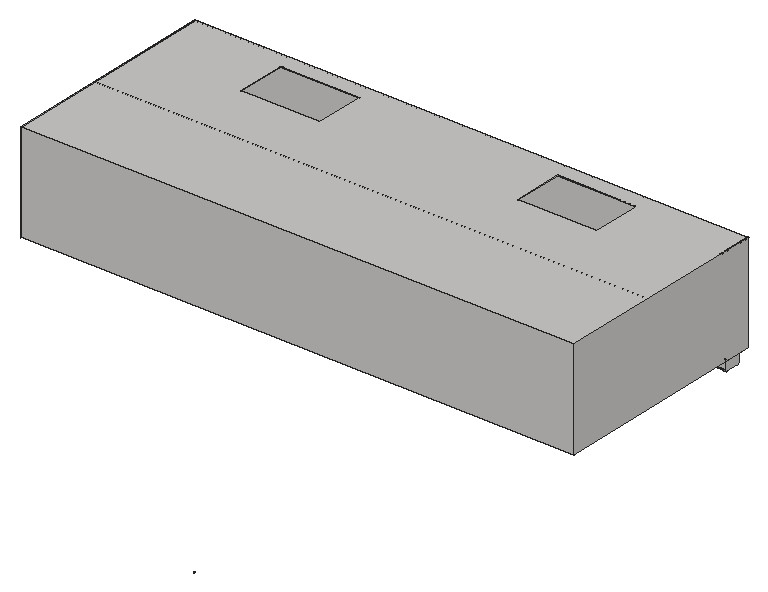
Revit family "QF_ELECTROLUXPROFESSIONAL_642019_EP1128T", category Specialty Equipment, Revit 2014
Reference planes
  plane 1 "Center (Front/Back)": y = 0
  plane 2: z = 0
  plane 3 "Center (Left/Right)": x = 150
  plane 4 "LEFT": x = -1250
  plane 5 "RIGHT": x = 1550
  plane 6 "BACK": y = 550
  plane 7 "FRONT": y = -550
  plane 8 "TOP": z = 2500
  plane 9 "Base": z = 2000
  plane 10: z = 1926
  plane 11 "DrainY": y = 485
  plane 12: x = -1247
  plane 13: through (0, 414.509, 2000.8) normal (0, 0.7314, 0.682)
  plane 14: y = 470
  plane 15: y = 220
  plane 16 "DrainX": x = 1430
  plane 17: x = -350
  plane 18: x = 650
  plane 19: x = -750
  plane 20: x = 1050
  plane 21: x = 1547
  plane 22: x = 1340
  plane 23: x = 1520
  plane 24: x = -1210
  plane 25: x = -845
  plane 26: x = -450
  plane 27: x = 1510
  plane 28: x = 1145
  plane 29: x = 750
Forms (mm)
  Extrusion 1, solid, material "QF_Finishes_Stainless Steel"
    sketch origin (-1250, 0, 360) x (0, 1, 0) y (0, 0, 1)
      loop
        line (550, 1640) -> (550, 2140) -> (-550, 2140) -> (-550, 1640) -> (550, 1640)
    from 0 to 3
  Extrusion 2, solid, material "QF_Finishes_Stainless Steel"
    sketch origin (150, 0, 360) x (0, 1, 0) y (0, 0, 1)
      loop
        line (415.255, 1640) -> (550, 1640) -> (550, 2139.19) -> (549.2, 2139.19) -> (549.2, 1640.8) -> (415.876, 1640.8) -> (339.347, 1722.867) -> (349.609, 1732.436) -> (348.927, 1733.167) -> (337.934, 1722.917) -> (415.255, 1640)
      loop
        line (-82.203, 2139.19) -> (-82.203, 2118.6) -> (-31.047, 2118.6) -> (34.354, 2048.466) -> (46.028, 2059.352) -> (45.346, 2060.083) -> (34.403, 2049.879) -> (-30.612, 2119.6) -> (-81.203, 2119.6) -> (-81.203, 2139.19) -> (-82.203, 2139.19)
    from -1397 to 1397
  Extrusion 3, solid, material "QF_Finishes_Stainless Steel"
    sketch origin (1550, 0, 360) x (0, 1, 0) y (0, 0, 1)
      loop
        line (550, 1640) -> (550, 2140) -> (-550, 2140) -> (-550, 1640) -> (550, 1640)
    from 0 to -3
  Extrusion 4, solid, material "QF_Finishes_Stainless Steel"
    sketch origin (150, 0, 360) x (0, 1, 0) y (0, 0, 1)
      loop
        line (-550, 2140) -> (-550, 1640) -> (-549.2, 1640) -> (-549.2, 2139.19) -> (550, 2139.19) -> (550, 2140) -> (-550, 2140)
    from -1400 to 1400
  Extrusion 5, solid, material "QF_Finishes_Stainless Steel"
    sketch origin (150, 0, 360) x (0, 1, 0) y (0, 0, 1)
      loop
        line (534, 1640) -> (436, 1640) -> (436, 1627) -> (443.5, 1627) -> (443.5, 1576)
        arc (443.5, 1576) -> (446.429, 1568.929) -> (453.5, 1566) r 10
        line (453.5, 1566) -> (516.5, 1566)
        arc (516.5, 1566) -> (523.571, 1568.929) -> (526.5, 1576) r 10
        line (526.5, 1576) -> (526.5, 1627) -> (534, 1627) -> (534, 1640)
    from 1190 to 1370
  Extrusion 6, solid, material "QF_Finishes_Stainless Steel"
    sketch origin (0, 0, 2000) x (0, 1, 0) y (-1, 0, 0)
      loop
        circle (485, -1430) r 20
    from -76 to -74
  Extrusion 7, solid, material "QF_Finished_Chrome"
    sketch origin (150, 0, 360) x (0, 1, 0) y (0, 0, 1)
      loop
        line (337.934, 1722.917) -> (341.591, 1726.327) -> (38.011, 2051.876) -> (34.354, 2048.466) -> (337.934, 1722.917)
    from -995 to -1360
  Extrusion 8, solid, material "QF_Finished_Chrome"
    sketch origin (150, 0, 360) x (0, 1, 0) y (0, 0, 1)
      loop
        line (337.934, 1722.917) -> (341.591, 1726.327) -> (38.011, 2051.876) -> (34.354, 2048.466) -> (337.934, 1722.917)
    from 600 to -600
  Extrusion 9, solid, material "QF_Finishes_Stainless Steel"
    sketch origin (150, 0, 360) x (0, 1, 0) y (0, 0, 1)
      loop
        line (337.934, 1722.917) -> (341.591, 1726.327) -> (38.011, 2051.876) -> (34.354, 2048.466) -> (337.934, 1722.917)
    from 1397 to 1360
  Extrusion 10, solid, material "QF_Finishes_Stainless Steel"
    sketch origin (150, 0, 360) x (0, 1, 0) y (0, 0, 1)
      loop
        line (341.588, 1726.324) -> (38.009, 2051.874) -> (34.354, 2048.466) -> (337.934, 1722.917) -> (341.588, 1726.324)
    from -995 to -600
  Extrusion 11, solid, material "QF_Finished_Chrome"
    sketch origin (150, 0, 360) x (0, 1, 0) y (0, 0, 1)
      loop
        line (341.588, 1726.324) -> (38.009, 2051.874) -> (34.354, 2048.466) -> (337.934, 1722.917) -> (341.588, 1726.324)
    from 995 to 1360
  Extrusion 12, void
    sketch origin (0, 0, 2500) x (0, 1, 0) y (-1, 0, 0)
      loop
        line (470, 750) -> (220, 750) -> (220, 350) -> (470, 350) -> (470, 750)
    from 0 to -10
  Extrusion 13, void
    sketch origin (940, 0, 2500) x (0, 1, 0) y (-1, 0, 0)
      loop
        line (470, 290) -> (220, 290) -> (220, -110) -> (470, -110) -> (470, 290)
    from 0 to -10
  Extrusion 14, solid, material "QF_Finishes_Stainless Steel"
    sketch origin (0, 0, 0) x (1, 0, 0) y (0, 1, 0)
      loop
        line (-1250, 550) -> (-1250, 549) -> (-1249, 549) -> (-1249, 550) -> (-1250, 550)
    from 0 to 1
  Extrusion 15, solid, material "QF_Finishes_Stainless Steel"
    sketch origin (150, 0, 360) x (0, 1, 0) y (0, 0, 1)
      loop
        line (337.934, 1722.917) -> (341.591, 1726.327) -> (38.011, 2051.876) -> (34.354, 2048.466) -> (337.934, 1722.917)
    from -1360 to -1397
  Extrusion 16, solid, material "QF_Finishes_Stainless Steel"
    sketch origin (150, 0, 360) x (0, 1, 0) y (0, 0, -1)
      loop
        line (341.588, -1726.324) -> (337.934, -1722.917) -> (34.354, -2048.466) -> (38.009, -2051.874) -> (341.588, -1726.324)
    from -995 to -600
Cuts and joins
  Extrusion 12, Extrusion 13 cuts Extrusion 4
  joined: Extrusion 2, Extrusion 4
Lines and regions (mm)
  reference lines
    curve 1: line (150, 34.354, 2408.466) -> (150, 34.354, 2248.466)
  symbolic lines, style "SpecialityEquipment", detail levels coarse
    curve 2: line (1550, 550, 2500) -> (-1250, 550, 2500)
    curve 3: line (-1250, 550, 2500) -> (-1250, -550, 2500)
    curve 4: line (1550, -550, 2500) -> (1550, 550, 2500)
    curve 5: line (-1250, -550, 2500) -> (1550, -550, 2500)
    curve 6: line (-750, 220, 2500) -> (-350, 220, 2500)
    curve 7: line (-750, 470, 2500) -> (-750, 220, 2500)
    curve 8: line (-350, 470, 2500) -> (-750, 470, 2500)
    curve 9: line (-350, 220, 2500) -> (-350, 470, 2500)
    curve 10: line (650, 470, 2500) -> (650, 220, 2500)
    curve 11: line (650, 220, 2500) -> (1050, 220, 2500)
    curve 12: line (1050, 470, 2500) -> (650, 470, 2500)
    curve 13: line (1050, 220, 2500) -> (1050, 470, 2500)
    curve 14: line (-1250, -550, 0) -> (1550, 550, 0)
    curve 15: line (-1250, 550, 0) -> (1550, -550, 0)
Dimensions and locks
  plane 4 "LEFT" to plane 5 "RIGHT" = 2800 mm
  equal spacing: plane 4 "LEFT", plane 3 "Center (Left/Right)", plane 5 "RIGHT"
  plane 9 "Base" to plane 10 = 74 mm
  plane 6 "BACK" to plane 11 "DrainY" = 65 mm  (x2)
  plane 4 "LEFT" to plane 12 = 3 mm
  plane 6 "BACK" to plane 14 = 80 mm
  plane 14 to plane 15 = 250 mm  (x2)
  plane 16 "DrainX" to plane 5 "RIGHT" = 120 mm
  locked: plane 17 to plane 18 at 1000
  equal spacing: plane 17, plane 3 "Center (Left/Right)", plane 18
  plane 19 to plane 17 = 400 mm
  plane 18 to plane 20 = 400 mm
  plane 21 to plane 5 "RIGHT" = 3 mm
  locked: plane 22 to plane 16 "DrainX" at 90
  locked: plane 16 "DrainX" to plane 23 at 90
  plane 6 "BACK" to plane 7 "FRONT" = 1100 mm  (x2)
  equal spacing: plane 6 "BACK", plane 1 "Center (Front/Back)", plane 7 "FRONT"
  plane 15 to plane 7 "FRONT" = 770 mm
  plane 14 to plane 6 "BACK" = 80 mm
  locked: plane 4 "LEFT" to plane 24 at 40
  locked: plane 24 to plane 25 at 365
  locked: plane 25 to plane 26 at 395
  locked: plane 27 to plane 28 at 365
  locked: plane 28 to plane 29 at 395
  locked: plane 27 to plane 5 "RIGHT" at 40
  plane 26 to plane 29 = 1200 mm
  locked: plane 9 "Base" to level at 2000
  locked: plane 8 "TOP" to plane 9 "Base" at 500
  aligned and locked: level to plane 2
  aligned and locked: Extrusion 2 to Extrusion 1
  aligned and locked: Extrusion 2 to Extrusion 3
  aligned and locked: plane 5 "RIGHT" to Extrusion 4
  aligned and locked: Extrusion 4 to plane 4 "LEFT"
  aligned and locked: plane 21 to Extrusion 9
  aligned and locked: plane 19 to Extrusion 12
  aligned and locked: Extrusion 12 to plane 17
  aligned and locked: Extrusion 12 to plane 15
  aligned and locked: Extrusion 12 to plane 14
  aligned and locked: Extrusion 13 to plane 20
  aligned and locked: plane 18 to Extrusion 13
  aligned and locked: Extrusion 2 to Extrusion 4
  aligned and locked: plane 23 to Extrusion 5
  aligned and locked: Extrusion 5 to plane 22
  aligned and locked: Extrusion 9 to plane 27
  aligned and locked: Extrusion 11 to plane 27
  aligned and locked: Extrusion 11 to plane 28
  aligned and locked: Extrusion 8 to plane 29
  aligned and locked: Extrusion 8 to plane 26
  aligned and locked: plane 26 to Extrusion 10
  aligned and locked: Extrusion 10 to plane 25
  aligned and locked: plane 25 to Extrusion 7
  aligned and locked: Extrusion 7 to plane 24
  aligned and locked: Extrusion 15 to plane 12
  aligned and locked: plane 24 to Extrusion 15
  aligned and locked: Extrusion 16 to plane 29
  aligned and locked: Extrusion 16 to plane 28
  aligned and locked: Extrusion 3 to plane 21
Automatic sketch dimensions
  curve 5 to plane 4 "LEFT" = 0 mm
  curve 5 to plane 7 "FRONT" = 0 mm
  curve 9 to plane 15 = 0 mm
  curve 10 to plane 15 = 0 mm
  plane 14 to curve 8 = 0 mm
  plane 14 to curve 12 = 0 mm
  curve 3 to plane 6 "BACK" = 0 mm
  curve 5 to plane 5 "RIGHT" = 0 mm
  curve 11 to plane 20 = 0 mm
  curve 10 to plane 18 = 0 mm
  curve 6 to plane 17 = 0 mm
  curve 6 to plane 19 = 0 mm
  Extrusion 1 sketch curve to plane 9 "Base" = 0 mm
  Extrusion 1 sketch curve to plane 6 "BACK" = 0 mm
  Extrusion 1 sketch curve to plane 8 "TOP" = 0 mm
  Extrusion 2 sketch curve to plane 13 = 0 mm  (x3)
  Extrusion 2 sketch curve to plane 9 "Base" = 0 mm
  plane 13 to Extrusion 2 sketch curve = 0 mm
  Extrusion 2 sketch curve to plane 6 "BACK" = 0 mm
  Extrusion 2 sketch curve to Extrusion 2 sketch curve = 65.646 mm
  Extrusion 2 sketch curve to Extrusion 2 sketch curve = 0.682 mm  (x2)
  Extrusion 2 sketch curve to Extrusion 2 sketch curve = 10.261 mm
  plane 9 "Base" to Extrusion 2 sketch curve = 82.917 mm
  Extrusion 2 sketch curve to plane 1 "Center (Front/Back)" = 46.028 mm
  Extrusion 2 sketch curve to Extrusion 2 sketch curve = 10.942 mm
  Extrusion 2 sketch curve to Extrusion 2 sketch curve = 0.049 mm
  Extrusion 2 sketch curve to plane 8 "TOP" = 20.4 mm
  Extrusion 2 sketch curve to plane 8 "TOP" = 21.4 mm
  Extrusion 2 sketch curve to plane 8 "TOP" = 0.81 mm  (x2)
  Extrusion 2 sketch curve to Extrusion 2 sketch curve = 50.156 mm
  Extrusion 2 sketch curve to Extrusion 2 sketch curve = 1 mm
  plane 9 "Base" to Extrusion 2 sketch curve = 0.8 mm
  Extrusion 2 sketch curve to plane 6 "BACK" = 0.8 mm
  Extrusion 3 sketch curve to plane 9 "Base" = 0 mm
  Extrusion 3 sketch curve to plane 6 "BACK" = 0 mm
  Extrusion 3 sketch curve to plane 8 "TOP" = 0 mm
  Extrusion 4 sketch curve to plane 7 "FRONT" = 0 mm
  Extrusion 4 sketch curve to plane 6 "BACK" = 0 mm
  Extrusion 4 sketch curve to plane 8 "TOP" = 0 mm
  plane 7 "FRONT" to Extrusion 4 sketch curve = 0.8 mm
  Extrusion 4 sketch curve to plane 8 "TOP" = 0.81 mm
  curve 1 to plane 13 = 0 mm
  curve 1 to plane 1 "Center (Front/Back)" = 34.354 mm
  Extrusion 5 sketch curve to plane 9 "Base" = 0 mm
  Extrusion 5 sketch curve to plane 10 = 0 mm
  Extrusion 5 sketch curve to plane 9 "Base" = 13 mm  (x2)
  plane 14 to Extrusion 5 sketch curve = 34 mm
  Extrusion 5 sketch curve to Extrusion 5 sketch curve = 7.5 mm  (x2)
  Extrusion 5 sketch curve to Extrusion 5 sketch curve = 10 mm
  plane 11 "DrainY" to Extrusion 5 sketch curve = 31.5 mm
  Extrusion 5 sketch curve to plane 6 "BACK" = 23.5 mm
  Extrusion 6 sketch curve to plane 11 "DrainY" = 0 mm
  Extrusion 6 sketch curve to plane 16 "DrainX" = 0 mm
  Extrusion 7 sketch curve to plane 13 = 0 mm  (x2)
  Extrusion 7 sketch curve to plane 1 "Center (Front/Back)" = 34.354 mm
  Extrusion 7 sketch curve to Extrusion 7 sketch curve = 3.657 mm
  plane 9 "Base" to Extrusion 7 sketch curve = 82.917 mm
  Extrusion 8 sketch curve to plane 13 = 0 mm  (x2)
  Extrusion 8 sketch curve to plane 1 "Center (Front/Back)" = 34.354 mm
  Extrusion 8 sketch curve to Extrusion 8 sketch curve = 3.657 mm
  plane 9 "Base" to Extrusion 8 sketch curve = 82.917 mm
  Extrusion 9 sketch curve to plane 13 = 0 mm  (x2)
  Extrusion 9 sketch curve to plane 1 "Center (Front/Back)" = 34.354 mm
  Extrusion 9 sketch curve to Extrusion 9 sketch curve = 3.657 mm
  plane 9 "Base" to Extrusion 9 sketch curve = 82.917 mm
  Extrusion 10 sketch curve to plane 13 = 0 mm  (x2)
  Extrusion 10 sketch curve to plane 1 "Center (Front/Back)" = 34.354 mm
  Extrusion 10 sketch curve to Extrusion 10 sketch curve = 3.655 mm
  plane 9 "Base" to Extrusion 10 sketch curve = 82.917 mm
  Extrusion 11 sketch curve to plane 13 = 0 mm  (x2)
  Extrusion 11 sketch curve to plane 1 "Center (Front/Back)" = 34.354 mm
  Extrusion 11 sketch curve to Extrusion 11 sketch curve = 3.655 mm
  plane 9 "Base" to Extrusion 11 sketch curve = 82.917 mm
  Extrusion 12 sketch curve to plane 15 = 0 mm
  plane 14 to Extrusion 12 sketch curve = 0 mm
  Extrusion 12 sketch curve to plane 17 = 0 mm
  Extrusion 12 sketch curve to plane 19 = 0 mm
  Extrusion 13 sketch curve to plane 15 = 0 mm
  plane 14 to Extrusion 13 sketch curve = 0 mm
  Extrusion 13 sketch curve to plane 20 = 0 mm
  Extrusion 13 sketch curve to plane 18 = 0 mm
  Extrusion 14 sketch curve to plane 4 "LEFT" = 0 mm
  Extrusion 14 sketch curve to plane 6 "BACK" = 0 mm
  plane 4 "LEFT" to Extrusion 14 sketch curve = 1 mm
  Extrusion 14 sketch curve to plane 6 "BACK" = 1 mm
  Extrusion 15 sketch curve to plane 13 = 0 mm  (x2)
  Extrusion 15 sketch curve to plane 1 "Center (Front/Back)" = 34.354 mm
  Extrusion 15 sketch curve to Extrusion 15 sketch curve = 3.657 mm
  plane 9 "Base" to Extrusion 15 sketch curve = 82.917 mm
  Extrusion 16 sketch curve to plane 13 = 0 mm  (x2)
  Extrusion 16 sketch curve to plane 1 "Center (Front/Back)" = 34.354 mm
  Extrusion 16 sketch curve to Extrusion 16 sketch curve = 3.655 mm
  plane 9 "Base" to Extrusion 16 sketch curve = 82.917 mm
  Extrusion 4 sketch curve to Extrusion 4 sketch curve = 499.19 mm
  curve 1 to curve 1 = 160 mm
  Extrusion 1 sketch curve to plane 7 "FRONT" = 0 mm
  Extrusion 3 sketch curve to plane 7 "FRONT" = 0 mm
  curve 15 to plane 4 "LEFT" = 0 mm
  curve 14 to plane 4 "LEFT" = 0 mm
  curve 15 to plane 5 "RIGHT" = 0 mm
  curve 14 to plane 5 "RIGHT" = 0 mm
  curve 15 to plane 7 "FRONT" = 0 mm
  curve 14 to plane 7 "FRONT" = 0 mm
  curve 15 to plane 6 "BACK" = 0 mm
  curve 14 to plane 6 "BACK" = 0 mm
  radius of Extrusion 6 sketch curve = 20 mm
Connectors
  piping at (1430, 485, 1924), diameter 20
    settings: on Extrusion 6, index 1, connector inside diameter 609.6 mm, connector length 0 mm, flow factor 0, pipe flow 0.0 L/s, pressure drop 0.0 Pa, fitting loss kfactor 0, connector angle 0.00°, fixture units 0, engagement length 0 mm, angle of deflection 0.00°, flow configuration 1, flow direction 2, fitting loss method 0, system type 16, joint type 0, gender type 0, connector reference index -1, connector utility 0, adjustable connector no, is connector primary yes, connector description "Drain"
  hvac at (-550, 345, 2500)
    settings: on Extrusion 12, index 2, duct flow 0.0 L/s, flow factor 0, pres drop 0.0 Pa, loss coef 0, conn angle 0.00°, conn width 250 mm, conn height 400 mm, conn diameter 609.6 mm, duct sys type 3, conn prof type 1, flow config 1, flow direction 0, loss method 0, conn ref index -1, conn util no, is conn primary yes, conn desc "EXHAUST OUTLET"
  hvac at (850, 345, 2500)
    settings: on Extrusion 13, index 3, duct flow 0.0 L/s, flow factor 0, pres drop 0.0 Pa, loss coef 0, conn angle 0.00°, conn width 250 mm, conn height 400 mm, conn diameter 609.6 mm, duct sys type 3, conn prof type 1, flow config 1, flow direction 0, loss method 0, conn ref index -1, conn util no, is conn primary no, conn desc "EXHAUST OUTLET"
